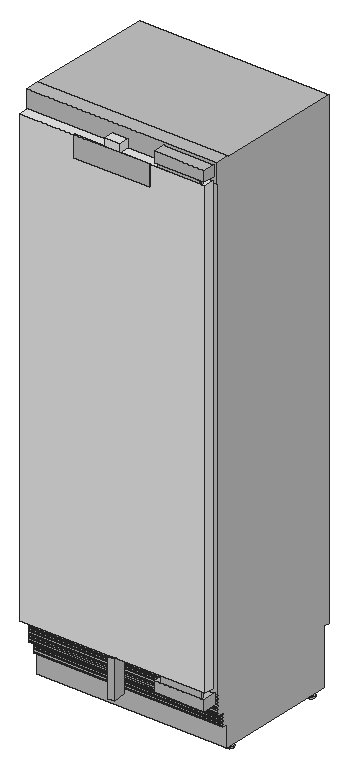
Revit family "FP_Revit_18_RS7621SRHK1_Fridge_90001117A", category Specialty Equipment, Revit 2018
Family settings
  Round Connector Dimension = Use Diameter
  Part Type = Normal
  OmniClass Number = 23.40.40.11.11
  OmniClass Title = Refrigerators and Freezers
  Work Plane-Based = No
  Always vertical = Yes
  Cut with Voids When Loaded = Yes
  Shared = No
  Room Calculation Point = No
Parameters (values of type "RS7621SRHK1")
  Visibility - Water Connection = yes
  Visibility - Visibility Control Note = yes
  Visibility - Clearance Required = yes
  URL = "www.fisherpaykel.com"
  Stainless Steel Door Panels (RD7621R10D) = no
  Product - Width = 756 mm  # constant formula
  Product - Height = 2134 mm  # constant formula
  Product - Depth (exl front panel) = 610 mm  # constant formula
  Model = "RS7621SRHK1"
  Material - Handle = Fisher & Paykel - Aluminium
  Material - Door Structure = Fisher & Paykel - White
  Material - Door Front = Fisher & Paykel - Stainless Steel
  Material - Body = Fisher & Paykel - Grey
  Manufacturer = "Fisher & Paykel Appliances"
  Handle Style - Contemporary Square (AHD3-RD21) = no
  Handle Style - Contemporary Round (AHS-RD21) = no
  Description = "76cm Integrated Column Refrigerator with internal water, stainless steel interior"
  Connector Description - Water = "1/2 BSP Stainless steel braided hose"
  Connector Description - Electrical = "230 V,10 A fused electrical supply"
  Cavity - Width = 762 mm  # constant formula
  Cavity - Height = 2134 mm  # constant formula
  Cavity - Depth = 650 mm  # constant formula
Types (3, lengths in mm): name | Visibility - Water Connection | Model | Description | Connector Description - Water
  (no name) | yes | "RS7621SRHK1" | "76cm Integrated Column Refrigerator with internal water, stainless steel interior" | "1/2 BSP Stainless steel braided hose"
  RS7621SRK1 | no | "RS7621SRK1" | "76cm Integrated Column Refrigerator, stainless steel interior" | "Water Supply not required"
  RS7621SRHK1 | yes | "RS7621SRHK1" | "76cm Integrated Column Refrigerator with internal water, stainless steel interior" | "1/2 BSP Stainless steel braided hose"
Reference planes
  plane 1 "Datum": y = 0
  plane 2: z = 0
  plane 3 "Center (Left/Right)": x = 0
  plane 4 "Product LHS": x = -378
  plane 5 "Product RHS": x = 378
  plane 6 "Product - Depth": y = 610
  plane 7 "Cavity LHS": x = -381
  plane 8 "Cavity RHS": x = 381
  plane 9 "Cavity - Depth": y = 628
  plane 10 "Handle Offset": x = -315
  plane 11 "Product Height": z = 2134
  plane 12 "Cavity Height": z = 2134
  plane 13 "Door Panel Datum": y = -4.1
Forms (mm)
  Extrusion 1, solid, material "Fisher & Paykel - Grey" <- "Material - Body", detail levels fine
    sketch origin (0, 0, 0) x (0, 1, 0) y (0, 0, 1)
      loop
        line (100.1, 19.1) -> (587.9, 19.1) -> (587.9, 239.7) -> (610, 239.7) -> (610, 2131.9) -> (105.1, 2131.9) -> (105.1, 2134) -> (49.9, 2134) -> (49.9, 2059) -> (56, 2059) -> (56, 228.6) -> (59.5, 228.6) -> (59.5, 219.7) -> (56.5, 219.7) -> (56.5, 215.9) -> (59.5, 215.9) -> (59.5, 207) -> (56.5, 207) -> (56.5, 203.2) -> (59.5, 203.2) -> (59.5, 194.3) -> (56.5, 194.3) -> (56.5, 190.5) -> (59.5, 190.5) -> (59.5, 181.6) -> (56.5, 181.6) -> (56.5, 177.8) -> (59.5, 177.8) -> (59.5, 168.9) -> (56.5, 168.9) -> (56.5, 165.1) -> (59.5, 165.1) -> (59.5, 156.2) -> (56.5, 156.2) -> (56.5, 152.4) -> (84.1, 152.4) -> (84.1, 143.5) -> (81.1, 143.5) -> (81.1, 139.7) -> (84.1, 139.7) -> (84.1, 130.8) -> (81.1, 130.8) -> (81.1, 127) -> (84.1, 127) -> (84.1, 118.1) -> (81.1, 118.1) -> (81.1, 114.3) -> (84.1, 114.3) -> (84.1, 105.4) -> (81.1, 105.4) -> (81.1, 101.6) -> (100.1, 101.6) -> (100.1, 19.1)
    from -378 to 378
  Extrusion 2, solid, material "Fisher & Paykel - Grey" <- "Material - Body"
    sketch origin (0, 0, 0) x (1, 0, 0) y (0, 1, 0)
      loop
        circle (-357.5, 547.8) r 4.1
      loop
        circle (-357.5, 141.8) r 4.1
      loop
        circle (357.5, 547.8) r 4.1
      loop
        circle (357.5, 141.8) r 4.1
    from 3 to 19.1
  Extrusion 3, solid, material "Fisher & Paykel - Grey" <- "Material - Body"
    sketch origin (0, 0, 0) x (1, 0, 0) y (0, 1, 0)
      loop
        circle (-357.5, 547.8) r 14.5
      loop
        circle (-357.5, 141.8) r 14.555
      loop
        circle (357.5, 547.8) r 14.5
      loop
        circle (357.5, 141.8) r 14.555
    from 0 to 3
  Extrusion 4, solid, material "Fisher & Paykel - Grey" <- "Material - Body", detail levels fine
    sketch origin (0, 0, 0) x (1, 0, 0) y (0, 1, 0)
      loop
        line (-7.5, 49) -> (-13.797, -4.1) -> (13.797, -4.1) -> (7.5, 49) -> (-7.5, 49)
    from 104.2 to 254.2
  Extrusion 5, solid, material "Fisher & Paykel - Grey" <- "Material - Body", detail levels fine
    sketch origin (0, 0, 0) x (1, 0, 0) y (0, 0, 1)
      loop
        line (366.4, 2123.15) -> (168.42, 2123.15) -> (168.42, 2081.05) -> (366.4, 2081.05) -> (366.4, 2123.15)
    from -49 to -2.5
  Extrusion 6, solid, material "Fisher & Paykel - Grey" <- "Material - Body", detail levels fine
    sketch origin (0, 0, 0) x (0, 1, 0) y (0, 0, 1)
      loop
        line (0, 2070.6) -> (0, 1988.6) -> (2, 1988.6) -> (2, 2068.6) -> (4, 2068.6) -> (4, 2070.6) -> (0, 2070.6)
    from -150 to 150
  Extrusion 7, solid, material "Fisher & Paykel - Grey" <- "Material - Body"
    sketch origin (0, 0, 0) x (1, 0, 0) y (0, 0, 1)
      loop
        circle (303, 119.813) r 5
      loop
        circle (-303, 119.813) r 5
    from -590 to -587.9
  Extrusion 8, solid, material "Fisher & Paykel - White" <- "Material - Door Structure"
    sketch origin (0, 0, 0) x (1, 0, 0) y (0, 1, 0)
      loop
        line (-353, 56) -> (-353, 42) -> (353, 42) -> (353, 56) -> (-353, 56)
    from 269.6 to 2030.7
  Extrusion 9, solid, material "Fisher & Paykel - White" <- "Material - Door Structure"
    sketch origin (0, 0, 0) x (1, 0, 0) y (0, 1, 0)
      loop
        line (-369.4, 42) -> (-369.4, 3) -> (369.4, 3) -> (369.4, 42) -> (-369.4, 42)
    from 254.2 to 2068.6
  Extrusion 10, solid, material "Fisher & Paykel - White" <- "Material - Door Structure", detail levels fine
    sketch origin (0, 0, 0) x (1, 0, 0) y (0, 0, 1)
      loop
        line (-29.5, 2100.1) -> (-29.5, 2068.6) -> (29.5, 2068.6) -> (29.5, 2100.1) -> (-29.5, 2100.1)
    from -42 to -3
  Extrusion 11, solid, material "Fisher & Paykel - Stainless Steel" <- "Material - Door Front", visible <- "Stainless Steel Door Panels (RD7621R10D)"
    sketch origin (0, 0, 0) x (0, 1, 0) y (0, 0, 1)
      loop
        line (-22.1, 2130.8) -> (-22.1, 102) -> (-4.1, 102) -> (-4.1, 2130.8) -> (-22.1, 2130.8)
    from -378 to 378
  Extrusion 12, solid, material "Fisher & Paykel - Grey" <- "Material - Body", detail levels coarse+medium
    sketch origin (0, 0, 0) x (0, 1, 0) y (0, 0, 1)
      loop
        line (49.9, 2134) -> (49.9, 2059) -> (56, 2059) -> (56, 152.4) -> (81.1, 152.4) -> (81.1, 101.6) -> (100.1, 101.6) -> (100.1, 19.1) -> (587.9, 19.1) -> (587.9, 239.7) -> (610, 239.7) -> (610, 2134) -> (49.9, 2134)
    from -378 to 378
  Extrusion 13, solid, material "Fisher & Paykel - Grey" <- "Material - Body", detail levels fine
    sketch origin (0, 0, 0) x (1, 0, 0) y (0, 0, 1)
      loop
        line (366.4, 187.65) -> (366.4, 229.75) -> (168.42, 229.75) -> (168.42, 187.65) -> (366.4, 187.65)
    from -56 to -2.5
  Extrusion 14, solid, material "Fisher & Paykel - Grey" <- "Material - Body", detail levels fine
    sketch origin (0, 0, -4) x (0, 1, 0) y (0, 0, 1)
      loop
        arc (163.888, 23.1) -> (180.4, 13.63) -> (196.912, 23.1) r 19.13
        line (196.912, 23.1) -> (163.888, 23.1)
      loop
        arc (493.888, 23.1) -> (510.4, 13.63) -> (526.912, 23.1) r 19.13
        line (526.912, 23.1) -> (493.888, 23.1)
    from 191 to 219
  Extrusion 15, solid, material "Fisher & Paykel - Grey" <- "Material - Body", detail levels fine
    sketch origin (0, 0, -4) x (0, 1, 0) y (0, 0, -1)
      loop
        line (163.888, -23.1) -> (196.912, -23.1)
        arc (196.912, -23.1) -> (180.4, -13.63) -> (163.888, -23.1) r 19.13
      loop
        line (493.888, -23.1) -> (526.912, -23.1)
        arc (526.912, -23.1) -> (510.4, -13.63) -> (493.888, -23.1) r 19.13
    from 191 to 219
  Extrusion 16, solid, material "Fisher & Paykel - Clearance Required", visible <- "Visibility - Clearance Required", detail levels coarse
    sketch origin (0, 0, 0) x (1, 0, 0) y (0, 1, 0)
      loop
        line (-381, 628) -> (-381, -4.1) -> (381, -4.1) -> (381, 628) -> (-381, 628)
    from 0 to 2134
  Extrusion 17, void
    sketch origin (0, 0, 0) x (1, 0, 0) y (0, 1, 0)
      loop
        line (-381, 628) -> (-381, -22.1) -> (381, -22.1) -> (381, 628) -> (-381, 628)
    from 0 to 2134
  Extrusion 18, solid, material "Fisher & Paykel - Grey" <- "Material - Body", detail levels fine
    sketch origin (73, 0, 0) x (1, 0, 0) y (0, 0, 1)
      loop
        line (118.4, 254.2) -> (118.4, 229.75) -> (282.9, 229.75) -> (282.9, 254.2) -> (118.4, 254.2)
      loop
        line (106, 2081.05) -> (106, 2068.6) -> (282.9, 2068.6) -> (282.9, 2076.05) -> (242.9, 2081.05) -> (106, 2081.05)
    from -7 to -4
  Extrusion 19, solid, material "Fisher & Paykel - Clearance Required", visible <- "Visibility - Clearance Required", detail levels coarse
    sketch origin (0, 0, 0) x (1, 0, 0) y (0, 1, 0)
      loop
        line (-328.5, -22) -> (-377.998, -22)
        arc (-377.998, -22) -> (-22.041, -691.901) -> (734.607, -746.265) r 783.526
        line (734.607, -746.265) -> (712.602, -698.95) -> (738.875, -686.699)
        arc (738.875, -686.699) -> (747.815, -662.137) -> (723.253, -653.197) r 18.483
        line (723.253, -653.197) -> (697.006, -665.395) -> (415.929, -60.595)
        arc (415.929, -60.595) -> (380.987, -57.006) -> (378.07, -22) r 27.504
        line (378.07, -22) -> (-328.5, -22)
    from 0 to 2134
Lines and regions (mm)
  model lines, style "Fisher & Paykel"
    curve 1: line (-378, -4.1, 2130.8) -> (378, -4.1, 2130.8)
    curve 2: line (-378, -4.1, 102) -> (-378, -4.1, 2130.8)
    curve 3: line (378, -4.1, 102) -> (-378, -4.1, 102)
    curve 4: line (378, -4.1, 2130.8) -> (378, -4.1, 102)
Text (mm)
  text "Due to ongoing product development, product details are subject to change without notice. \nPlease always refer to www.fisherpaykel.com for the most current product information. \n© Fisher & Paykel 2020" at (41.04, -848.295, 0), in view "Ref. Level (Plan)"
Dimensions and locks
  equal spacing: plane 4 "Product LHS", plane 3 "Center (Left/Right)", plane 5 "Product RHS"
  "Product - Width": plane 4 "Product LHS" to plane 5 "Product RHS"
  "Product - Depth (exl front panel)": plane 1 "Datum" to plane 6 "Product - Depth"
  equal spacing: plane 7 "Cavity LHS", plane 3 "Center (Left/Right)", plane 8 "Cavity RHS"
  "Cavity - Width": plane 7 "Cavity LHS" to plane 8 "Cavity RHS"
  plane 4 "Product LHS" to Extrusion 2 sketch curve = 24.6 mm
  Extrusion 7 sketch curve to Extrusion 1 = 119.887 mm  (x2)
  Extrusion 7 sketch curve to plane 5 "Product RHS" = 75 mm
  plane 4 "Product LHS" to Extrusion 7 sketch curve = 75 mm
  Extrusion 1 sketch curve to Extrusion 1 sketch curve = 82.5 mm
  Extrusion 1 sketch curve to Extrusion 1 sketch curve = 209.5 mm
  Extrusion 1 sketch curve to Extrusion 1 sketch curve = 220.6 mm
  Extrusion 3 to level = 3 mm
  Extrusion 12 to Extrusion 9 = 235.1 mm
  Extrusion 12 to Extrusion 8 = 250.5 mm
  Extrusion 12 to Extrusion 12 = 2114.9 mm
  Extrusion 12 to Extrusion 11 = 82.9 mm
  "Product - Height": level to plane 11 "Product Height"
  plane 11 "Product Height" to Extrusion 11 = 3.2 mm
  Extrusion 9 to plane 11 "Product Height" = 65.4 mm
  Extrusion 8 to plane 11 "Product Height" = 103.3 mm
  Extrusion 12 sketch curve to plane 11 "Product Height" = 75 mm
  Extrusion 1 sketch curve to plane 11 "Product Height" = 2.1 mm
  Extrusion 1 sketch curve to plane 11 "Product Height" = 75 mm
  "Cavity - Height": plane 12 "Cavity Height" to level
  plane 1 "Datum" to Extrusion 16 = 628 mm
  plane 1 "Datum" to Extrusion 17 = 628 mm
  Extrusion 18 sketch curve to Extrusion 18 sketch curve = 40 mm
  Extrusion 18 sketch curve to plane 3 "Center (Left/Right)" = 179 mm
  Extrusion 18 sketch curve to Extrusion 18 sketch curve = 176.9 mm
  Extrusion 18 sketch curve to plane 3 "Center (Left/Right)" = 191.4 mm
  plane 3 "Center (Left/Right)" to Extrusion 18 sketch curve = 355.9 mm
  "Cavity - Depth": Extrusion 17 to Extrusion 19
  Extrusion 19 to plane 1 "Datum" = 22 mm
  radius of Extrusion 7 sketch curve = 5 mm
  aligned and locked: level to plane 2
  aligned and locked: Extrusion 11 to plane 5 "Product RHS"
  aligned and locked: plane 4 "Product LHS" to Extrusion 11
  aligned and locked: Extrusion 12 to plane 5 "Product RHS"
  aligned and locked: Extrusion 12 to plane 4 "Product LHS"
  aligned and locked: Extrusion 12 sketch curve to plane 11 "Product Height"
  aligned and locked: plane 11 "Product Height" to Extrusion 1 sketch curve
  aligned and locked: Extrusion 14 sketch curve to Extrusion 14 sketch curve
  aligned and locked: Extrusion 15 sketch curve to Extrusion 15 sketch curve
  aligned and locked: Extrusion 1 to plane 5 "Product RHS"
  aligned and locked: plane 4 "Product LHS" to Extrusion 1
  aligned and locked: Extrusion 12 sketch curve to Extrusion 1  (x4)
  aligned and locked: Extrusion 2 to Extrusion 1
  aligned and locked: nested 2 to plane 10 "Handle Offset"
  aligned and locked: nested 3 to plane 10 "Handle Offset"
Automatic sketch dimensions
  plane 1 "Datum" to Extrusion 4 sketch curve = 4.1 mm
  Extrusion 4 sketch curve to plane 3 "Center (Left/Right)" = 13.797 mm
  Extrusion 4 sketch curve to plane 3 "Center (Left/Right)" = 7.5 mm
  plane 3 "Center (Left/Right)" to Extrusion 4 sketch curve = 7.5 mm
  plane 3 "Center (Left/Right)" to Extrusion 4 sketch curve = 13.797 mm
  Extrusion 4 sketch curve to plane 1 "Datum" = 49 mm
  Extrusion 6 sketch curve to plane 1 "Datum" = 0 mm
  Extrusion 6 sketch curve to plane 1 "Datum" = 2 mm
  Extrusion 6 sketch curve to Extrusion 6 sketch curve = 2 mm  (x2)
  plane 11 "Product Height" to Extrusion 6 sketch curve = 145.4 mm
  plane 11 "Product Height" to Extrusion 6 sketch curve = 65.4 mm
  Extrusion 10 sketch curve to plane 3 "Center (Left/Right)" = 29.5 mm
  plane 3 "Center (Left/Right)" to Extrusion 10 sketch curve = 29.5 mm
  plane 11 "Product Height" to Extrusion 10 sketch curve = 65.4 mm
  Extrusion 10 sketch curve to Extrusion 10 sketch curve = 31.5 mm
  Extrusion 16 sketch curve to plane 7 "Cavity LHS" = 0 mm
  Extrusion 16 sketch curve to plane 8 "Cavity RHS" = 0 mm
  Extrusion 16 sketch curve to plane 9 "Cavity - Depth" = 0 mm
  plane 1 "Datum" to Extrusion 16 sketch curve = 4.1 mm
  Extrusion 17 sketch curve to plane 7 "Cavity LHS" = 0 mm
  Extrusion 17 sketch curve to plane 8 "Cavity RHS" = 0 mm
  plane 9 "Cavity - Depth" to Extrusion 17 sketch curve = 0 mm
  plane 1 "Datum" to Extrusion 17 sketch curve = 22.1 mm
  Extrusion 1 sketch curve to plane 6 "Product - Depth" = 0 mm
  Extrusion 1 sketch curve to Extrusion 1 sketch curve = 22.1 mm
  Extrusion 1 sketch curve to plane 1 "Datum" = 105.1 mm
  level to Extrusion 1 sketch curve = 19.1 mm
  Extrusion 1 sketch curve to plane 1 "Datum" = 100.1 mm
  Extrusion 1 sketch curve to Extrusion 1 sketch curve = 16 mm
  Extrusion 1 sketch curve to Extrusion 1 sketch curve = 0 mm  (x8)
  Extrusion 1 sketch curve to Extrusion 1 sketch curve = 3 mm  (x10)
  Extrusion 1 sketch curve to plane 1 "Datum" = 59.5 mm
  Extrusion 1 sketch curve to plane 1 "Datum" = 56 mm
  Extrusion 1 sketch curve to plane 1 "Datum" = 49.9 mm
  Extrusion 1 sketch curve to Extrusion 1 sketch curve = 3.8 mm  (x10)
  Extrusion 1 sketch curve to Extrusion 1 sketch curve = 8.9 mm  (x9)
  Extrusion 2 sketch curve to plane 4 "Product LHS" = 20.5 mm  (x2)
  plane 5 "Product RHS" to Extrusion 2 sketch curve = 20.5 mm  (x2)
  Extrusion 2 sketch curve to plane 1 "Datum" = 141.8 mm  (x2)
  Extrusion 2 sketch curve to plane 6 "Product - Depth" = 62.2 mm  (x2)
  Extrusion 3 sketch curve to plane 4 "Product LHS" = 20.5 mm  (x2)
  plane 5 "Product RHS" to Extrusion 3 sketch curve = 20.5 mm  (x2)
  Extrusion 3 sketch curve to plane 1 "Datum" = 141.8 mm  (x2)
  Extrusion 3 sketch curve to plane 6 "Product - Depth" = 62.2 mm  (x2)
  plane 11 "Product Height" to Extrusion 5 sketch curve = 10.85 mm
  Extrusion 5 sketch curve to plane 7 "Cavity LHS" = 549.42 mm
  plane 5 "Product RHS" to Extrusion 5 sketch curve = 11.6 mm
  Extrusion 5 sketch curve to Extrusion 5 sketch curve = 42.1 mm
  Extrusion 8 sketch curve to plane 4 "Product LHS" = 25 mm
  plane 5 "Product RHS" to Extrusion 8 sketch curve = 25 mm
  Extrusion 8 sketch curve to plane 1 "Datum" = 42 mm
  Extrusion 8 sketch curve to Extrusion 8 sketch curve = 14 mm
  Extrusion 9 sketch curve to plane 1 "Datum" = 3 mm
  Extrusion 9 sketch curve to plane 4 "Product LHS" = 8.6 mm
  plane 5 "Product RHS" to Extrusion 9 sketch curve = 8.6 mm
  Extrusion 9 sketch curve to Extrusion 9 sketch curve = 39 mm
  plane 1 "Datum" to Extrusion 11 sketch curve = 22.1 mm
  plane 1 "Datum" to Extrusion 11 sketch curve = 4.1 mm
  level to Extrusion 11 sketch curve = 102 mm
  plane 11 "Product Height" to Extrusion 11 sketch curve = 3.2 mm
  Extrusion 12 sketch curve to plane 6 "Product - Depth" = 0 mm
  Extrusion 12 sketch curve to plane 6 "Product - Depth" = 22.1 mm
  Extrusion 12 sketch curve to plane 1 "Datum" = 100.1 mm
  Extrusion 12 sketch curve to Extrusion 12 sketch curve = 19 mm
  Extrusion 12 sketch curve to plane 1 "Datum" = 56 mm
  Extrusion 12 sketch curve to plane 1 "Datum" = 49.9 mm
  Extrusion 12 sketch curve to Extrusion 12 sketch curve = 50.8 mm
  Extrusion 13 sketch curve to plane 7 "Cavity LHS" = 549.42 mm
  plane 5 "Product RHS" to Extrusion 13 sketch curve = 11.6 mm
  level to Extrusion 13 sketch curve = 187.65 mm
  Extrusion 13 sketch curve to Extrusion 13 sketch curve = 42.1 mm
  level to Extrusion 14 sketch curve = 19.1 mm
  Extrusion 14 sketch curve to plane 1 "Datum" = 163.888 mm
  Extrusion 14 sketch curve to Extrusion 14 sketch curve = 16.512 mm  (x2)
  Extrusion 14 sketch curve to plane 6 "Product - Depth" = 116.112 mm
  Extrusion 14 sketch curve to Extrusion 14 sketch curve = 9.66 mm  (x2)
  level to Extrusion 15 sketch curve = 19.1 mm
  Extrusion 15 sketch curve to plane 1 "Datum" = 163.888 mm
  Extrusion 15 sketch curve to Extrusion 15 sketch curve = 16.512 mm  (x2)
  Extrusion 15 sketch curve to plane 6 "Product - Depth" = 116.112 mm
  Extrusion 15 sketch curve to Extrusion 15 sketch curve = 9.66 mm  (x2)
  level to Extrusion 18 sketch curve = 229.75 mm
  Extrusion 18 sketch curve to Extrusion 18 sketch curve = 24.45 mm
  plane 11 "Product Height" to Extrusion 18 sketch curve = 65.4 mm
  Extrusion 18 sketch curve to Extrusion 18 sketch curve = 7.45 mm
  Extrusion 18 sketch curve to Extrusion 18 sketch curve = 5 mm
  Extrusion 19 sketch curve to plane 4 "Product LHS" = 0.002 mm
  plane 10 "Handle Offset" to Extrusion 19 sketch curve = 13.5 mm
  Extrusion 19 sketch curve to plane 5 "Product RHS" = 0.07 mm
  Extrusion 19 sketch curve to plane 8 "Cavity RHS" = 19.621 mm
  Extrusion 19 sketch curve to Extrusion 19 sketch curve = 4.795 mm
  Extrusion 19 sketch curve to Extrusion 19 sketch curve = 10.514 mm
  Extrusion 19 sketch curve to plane 8 "Cavity RHS" = 316.006 mm
  Extrusion 19 sketch curve to Extrusion 19 sketch curve = 15.596 mm
  Extrusion 19 sketch curve to Extrusion 19 sketch curve = 26.247 mm
  Extrusion 19 sketch curve to Extrusion 19 sketch curve = 7.811 mm  (x2)
  Extrusion 19 sketch curve to Extrusion 19 sketch curve = 22.005 mm
  plane 1 "Datum" to Extrusion 19 sketch curve = 746.265 mm
  Extrusion 19 sketch curve to Extrusion 19 sketch curve = 47.315 mm
  Extrusion 19 sketch curve to Extrusion 19 sketch curve = 12.251 mm
  Extrusion 19 sketch curve to Extrusion 19 sketch curve = 16.751 mm
  Extrusion 19 sketch curve to Extrusion 19 sketch curve = 12.198 mm
  Extrusion 19 sketch curve to Extrusion 19 sketch curve = 22.85 mm
  plane 5 "Product RHS" to curve 1 = 0 mm
  plane 4 "Product LHS" to curve 3 = 0 mm
  level to curve 3 = 102 mm
  plane 11 "Product Height" to curve 2 = 3.2 mm
  radius of Extrusion 2 sketch curve = 4.1 mm  (x3)
  radius of Extrusion 3 sketch curve = 14.5 mm  (x2)
  radius of Extrusion 3 sketch curve = 14.555 mm  (x2)
  radius of Extrusion 7 sketch curve = 5 mm
Nested families
  nested 1: "Visibility Control Note 18" at (0, 0, 0), visible <- "Visibility - Visibility Control Note", type "Visibility Control Note 18"
  nested 2: "Handle Contemporary Round - Vertical" at (-315, -22.1, 1242.58), visible <- "Handle Style - Contemporary Round (AHS-RD21)", type "AHS-RD21 - Contemporary round handle (Vertical) 852mm"
  nested 3: "Handle Contemporary Square - Vertical" at (-315, -22.1, 1242.58), visible <- "Handle Style - Contemporary Square (AHD3-RD21)", type "AHD3-RD21 - Contemporary square handle (Vertical) 852mm"
Connectors
  electrical at (-303, 590, 119.813), driven by "Connector Description - Electrical"
    settings: on Extrusion 7, index 1, voltage 230 V, apparent load 0 VA, apparent load phase1 0 VA, apparent load phase2 0 VA, apparent load phase3 0 VA, power factor 1, load classification "Other", number of poles 1, system type 30, power factor state 1, is connector primary yes, connector utility no, sub classification motor no, connector description "230 V,10 A fused electrical supply"
  piping at (303, 590, 119.813), diameter 12.7, driven by "Visibility - Water Connection", driven by "Connector Description - Water"
    settings: on Extrusion 7, index 2, connector inside diameter 609.6 mm, connector length 0 mm, flow factor 0, pipe flow 0.0 L/s, pressure drop 0.0 Pa, fitting loss kfactor 0, connector angle 0.00°, fixture units 0, engagement length 0 mm, angle of deflection 0.00°, flow configuration 0, flow direction 1, fitting loss method 0, system type 20, joint type 0, gender type 0, connector reference index -1, connector utility 1, adjustable connector no, is connector primary yes, connector description "1/2 BSP Stainless steel braided hose"
Definition of nested family "Handle Contemporary Round - Vertical"
  Parameters (values of type "AHSRS80A - Contemporary round handle (1 of 2) (Vertical) 727mm")
    URL = "www.fisherpaykel.com"
    Material - Handle = none
    Manufacturer = "Fisher & Paykel Appliances"
    Handle - Length = 727 mm
  Types (6, lengths in mm): name | Handle - Length
    AHS-RD21 - Contemporary round handle (Vertical) 852mm | 852
    AHSRD2484W - Contemporary round handle (1 of 2) (Vertical) 727mm | 727
    AHSRD3084W - Contemporary round handle (1 of 2) (Vertical) 727mm | 727
    AHS-RD84 - Contemporary round handle (Vertical) 852mm | 852
    AHSRS3272A - Contemporary round handle (1 of 2) (Vertical) 727mm | 727
    AHSRS80A - Contemporary round handle (1 of 2) (Vertical) 727mm | 727
  Reference planes
    plane 1 "Center (Front/Back)": y = 0
    plane 2: z = 0
    plane 3 "Center (Left/Right)": x = 0
    plane 4 "Top": z = 363.5
    plane 5 "Bottom": z = -363.5
    plane 6 "Top Standoff": z = 243.5
    plane 7 "Bottom Standoff": z = -243.5
  Forms (mm)
    Extrusion 1, solid, material <- "Material - Handle"
      sketch origin (0, 0, 0) x (1, 0, 0) y (0, 1, 0)
        loop
          circle (0, -32.3) r 8.7
      from -243.5 to 243.5
    Extrusion 2, solid, material <- "Material - Handle", detail levels fine
      sketch origin (0, 0, 0) x (1, 0, 0) y (0, 1, 0)
        loop
          line (-8.7, 0) -> (-8.7, -32.3)
          arc (-8.7, -32.3) -> (0, -41) -> (8.7, -32.3) r 8.7
          line (8.7, -32.3) -> (8.7, 0) -> (-8.7, 0)
      from 243.5 to 363.5
    Extrusion 3, solid, material <- "Material - Handle", detail levels fine
      sketch origin (0, 0, 0) x (1, 0, 0) y (0, 1, 0)
        loop
          line (-8.7, 0) -> (-8.7, -32.3)
          arc (-8.7, -32.3) -> (0, -41) -> (8.7, -32.3) r 8.7
          line (8.7, -32.3) -> (8.7, 0) -> (-8.7, 0)
      from -363.5 to -243.5
    Sweep 4, void
      path in 3D
        loop
          line (8.7, 0, -363.5) -> (8.7, -32.3, -363.5)
          arc (8.7, -32.3, -363.5) -> (0, -41, -363.5) -> (-8.7, -32.3, -363.5) r 8.7
          line (-8.7, -32.3, -363.5) -> (-8.7, 0, -363.5)
      profile origin (8.7, -16.15, -363.5) x (-1, 0, 0) y (0, 0, -1)
        loop
          line (0, 0) -> (0, -1) -> (1, 0) -> (0, 0)
    Sweep 5, void
      path in 3D
        loop
          line (-8.7, 0, 363.5) -> (-8.7, -32.3, 363.5)
          arc (-8.7, -32.3, 363.5) -> (0, -41, 363.5) -> (8.7, -32.3, 363.5) r 8.7
          line (8.7, -32.3, 363.5) -> (8.7, 0, 363.5)
      profile origin (8.7, -16.15, 363.5) x (-1, 0, 0) y (0, 0, 1)
        loop
          line (0, 0) -> (0, -1) -> (1, 0) -> (0, 0)
    Extrusion 6, solid, material <- "Material - Handle", detail levels coarse+medium
      sketch origin (0, 0, 0) x (1, 0, 0) y (0, 1, 0)
        loop
          line (-8.7, 0) -> (-8.7, -32.3)
          arc (-8.7, -32.3) -> (0, -41) -> (8.7, -32.3) r 8.7
          line (8.7, -32.3) -> (8.7, 0) -> (-8.7, 0)
      from 243.5 to 363.5
    Extrusion 7, solid, material <- "Material - Handle", detail levels coarse+medium
      sketch origin (0, 0, 0) x (1, 0, 0) y (0, 1, 0)
        loop
          line (-8.7, 0) -> (-8.7, -32.3)
          arc (-8.7, -32.3) -> (0, -41) -> (8.7, -32.3) r 8.7
          line (8.7, -32.3) -> (8.7, 0) -> (-8.7, 0)
      from -363.5 to -243.5
  Cuts and joins
    Sweep 4 cuts Extrusion 3
    Sweep 5 cuts Extrusion 2
  Lines and regions (mm)
    sketch lines
      curve 1: line (8.7, 0, -363.5) -> (8.7, -32.3, -363.5)
      curve 2: arc (-8.7, -32.3, -363.5) -> (0, -41, -363.5) -> (8.7, -32.3, -363.5) r 8.7
      curve 3: line (-8.7, -32.3, -363.5) -> (-8.7, 0, -363.5)
      curve 4: line (8.7, -32.3, 363.5) -> (8.7, 0, 363.5)
      curve 5: arc (8.7, -32.3, 363.5) -> (0, -41, 363.5) -> (-8.7, -32.3, 363.5) r 8.7
      curve 6: line (-8.7, 0, 363.5) -> (-8.7, -32.3, 363.5)
  Dimensions and locks
    equal spacing: plane 4 "Top", level, plane 5 "Bottom"
    "Handle - Length": plane 4 "Top" to plane 5 "Bottom"
    locked: plane 4 "Top" to plane 6 "Top Standoff" at 120
    locked: plane 7 "Bottom Standoff" to plane 5 "Bottom" at 120
    Extrusion 2 sketch curve to Extrusion 2 sketch curve = 17.4 mm
    Extrusion 3 sketch curve to Extrusion 3 sketch curve = 17.4 mm
    Extrusion 6 sketch curve to Extrusion 6 sketch curve = 17.4 mm
    Extrusion 7 sketch curve to Extrusion 7 sketch curve = 17.4 mm
    aligned and locked: level to plane 2
    aligned and locked: plane 4 "Top" to Extrusion 2
    aligned and locked: Extrusion 3 to plane 5 "Bottom"
    aligned and locked: plane 7 "Bottom Standoff" to Extrusion 3
    aligned and locked: Extrusion 1 to plane 7 "Bottom Standoff"
    aligned and locked: plane 6 "Top Standoff" to Extrusion 1
    aligned and locked: Extrusion 2 to Extrusion 1
    aligned and locked: Extrusion 6 to Extrusion 1
    aligned and locked: plane 4 "Top" to Extrusion 6
    aligned and locked: Extrusion 7 to Extrusion 1
    aligned and locked: Extrusion 7 to plane 5 "Bottom"
  Automatic sketch dimensions
    Extrusion 1 sketch curve to plane 3 "Center (Left/Right)" = 0 mm
    plane 1 "Center (Front/Back)" to Extrusion 1 sketch curve = 32.3 mm
    plane 1 "Center (Front/Back)" to Extrusion 2 sketch curve = 0 mm
    Extrusion 2 sketch curve to plane 3 "Center (Left/Right)" = 0 mm
    Extrusion 2 sketch curve to plane 3 "Center (Left/Right)" = 8.7 mm
    plane 1 "Center (Front/Back)" to Extrusion 2 sketch curve = 32.3 mm
    plane 1 "Center (Front/Back)" to Extrusion 3 sketch curve = 0 mm
    Extrusion 3 sketch curve to plane 3 "Center (Left/Right)" = 0 mm
    Extrusion 3 sketch curve to plane 3 "Center (Left/Right)" = 8.7 mm
    plane 1 "Center (Front/Back)" to Extrusion 3 sketch curve = 32.3 mm
    Sweep 4 sketch curve to profile plane = 0 mm  (x2)
    Sweep 4 sketch curve to profile plane = 1 mm  (x2)
    Sweep 5 sketch curve to profile plane = 0 mm  (x2)
    Sweep 5 sketch curve to profile plane = 1 mm  (x2)
    Extrusion 6 sketch curve to plane 3 "Center (Left/Right)" = 0 mm
    Extrusion 6 sketch curve to plane 3 "Center (Left/Right)" = 8.7 mm
    plane 1 "Center (Front/Back)" to Extrusion 6 sketch curve = 32.3 mm
    Extrusion 6 sketch curve to Extrusion 6 sketch curve = 32.3 mm
    Extrusion 7 sketch curve to plane 3 "Center (Left/Right)" = 0 mm
    Extrusion 7 sketch curve to plane 3 "Center (Left/Right)" = 8.7 mm
    plane 1 "Center (Front/Back)" to Extrusion 7 sketch curve = 32.3 mm
    Extrusion 7 sketch curve to Extrusion 7 sketch curve = 32.3 mm
    radius of Extrusion 1 sketch curve = 8.7 mm
Definition of nested family "Handle Contemporary Square - Vertical"
  Parameters (values of type "AHD3RS80A - Contemporary square handle (1 of 2) (Vertical) 727mm")
    URL = "www.fisherpaykel.com"
    Material - Handle = none
    Manufacturer = "Fisher & Paykel Appliances"
    Handle - Length = 727 mm
  Types (7, lengths in mm): name | Handle - Length
    (no name) | 727
    AHD3-RD21 - Contemporary square handle (Vertical) 852mm | 852
    AHD3RD2484W - Contemporary square handle (1 of 2) (Vertical) 727mm | 727
    AHD3RD3084W - Contemporary square handle (1 of 2) (Vertical) 727mm | 727
    AHD3-RD84 - Contemporary square handle (Vertical) 852mm | 852
    AHD3RS3272A - Contemporary square handle (1 of 2) (Vertical) 727mm | 727
    AHD3RS80A - Contemporary square handle (1 of 2) (Vertical) 727mm | 727
  Reference planes
    plane 1 "Center (Front/Back)": y = 0
    plane 2: z = 0
    plane 3 "Center (Left/Right)": x = 0
    plane 4 "Top": z = 363.5
    plane 5 "Bottom": z = -363.5
    plane 6 "Top Standoff": z = 243.5
    plane 7 "Bottom Standoff": z = -243.5
  Forms (mm)
    Extrusion 1, solid, material <- "Material - Handle", detail levels fine
      sketch origin (0, 0, 0) x (1, 0, 0) y (0, 1, 0)
        loop
          arc (-7.583, -28.701) -> (-7.89, -29.057) -> (-8, -29.514) r 1
          line (-8, -29.514) -> (-8, -40.5)
          arc (-8, -40.5) -> (-7.561, -41.561) -> (-6.5, -42) r 1.5
          line (-6.5, -42) -> (6.5, -42)
          arc (6.5, -42) -> (7.561, -41.561) -> (8, -40.5) r 1.5
          line (8, -40.5) -> (8, -29.487)
          arc (8, -29.487) -> (7.889, -29.029) -> (7.58, -28.673) r 1
          arc (7.58, -28.673) -> (-0.006, -26.256) -> (-7.583, -28.701) r 13.038
      from -363.5 to 363.5
    Extrusion 2, solid, material <- "Material - Handle", detail levels fine
      sketch origin (0, 0, 0) x (1, 0, 0) y (0, 1, 0)
        loop
          arc (7.058, -28.23) -> (7.466, -28.244) -> (7.674, -27.893) r 0.4
          line (7.674, -27.893) -> (7.674, 0) -> (-7.674, 0) -> (-7.674, -27.86)
          arc (-7.674, -27.86) -> (-7.467, -28.21) -> (-7.06, -28.198) r 0.4
          arc (-7.06, -28.198) -> (0.004, -26.156) -> (7.058, -28.23) r 13.136
      from 243.5 to 363.5
    Extrusion 3, solid, material <- "Material - Handle", detail levels fine
      sketch origin (0, 0, 0) x (1, 0, 0) y (0, 1, 0)
        loop
          arc (7.058, -28.23) -> (7.466, -28.244) -> (7.674, -27.893) r 0.4
          line (7.674, -27.893) -> (7.674, 0) -> (-7.674, 0) -> (-7.674, -27.86)
          arc (-7.674, -27.86) -> (-7.467, -28.21) -> (-7.06, -28.198) r 0.4
          arc (-7.06, -28.198) -> (0.004, -26.156) -> (7.058, -28.23) r 13.136
      from -363.5 to -243.5
    Sweep 4, void
      path in 3D
        loop
          line (-8, -29.514, 363.5) -> (-8, -40.5, 363.5)
          arc (-8, -40.5, 363.5) -> (-7.561, -41.561, 363.5) -> (-6.5, -42, 363.5) r 1.5
          line (-6.5, -42, 363.5) -> (6.5, -42, 363.5)
          arc (6.5, -42, 363.5) -> (7.561, -41.561, 363.5) -> (8, -40.5, 363.5) r 1.5
          line (8, -40.5, 363.5) -> (8, -29.487, 363.5)
      profile origin (8, -34.994, 363.5) x (-1, 0, 0) y (0, 0, 1)
        loop
          line (0, 0) -> (0, -1.3) -> (1.3, 0) -> (0, 0)
    Sweep 5, void
      path in 3D
        loop
          line (8, -29.487, -363.5) -> (8, -40.5, -363.5)
          arc (8, -40.5, -363.5) -> (7.561, -41.561, -363.5) -> (6.5, -42, -363.5) r 1.5
          line (6.5, -42, -363.5) -> (-6.5, -42, -363.5)
          arc (-6.5, -42, -363.5) -> (-7.561, -41.561, -363.5) -> (-8, -40.5, -363.5) r 1.5
          line (-8, -40.5, -363.5) -> (-8, -29.514, -363.5)
      profile origin (8, -34.994, -363.5) x (-1, 0, 0) y (0, 0, -1)
        loop
          line (0, 0) -> (0, -1.3) -> (1.3, 0) -> (0, 0)
    Extrusion 6, void
      sketch origin (0, 0, 0) x (1, 0, 0) y (0, 0, 1)
        loop
          line (-8, -362.2) -> (-8, -363.5) -> (-6.7, -363.5) -> (-8, -362.2)
        loop
          line (8, -362.2) -> (6.7, -363.5) -> (8, -363.5) -> (8, -362.2)
      from 0 to 40
    Extrusion 7, void
      sketch origin (0, 0, 0) x (1, 0, 0) y (0, 0, 1)
        loop
          line (-8, 363.5) -> (-8, 362.2) -> (-6.7, 363.5) -> (-8, 363.5)
        loop
          line (8, 363.5) -> (6.7, 363.5) -> (8, 362.2) -> (8, 363.5)
      from 0 to 40
    Extrusion 8, solid, material <- "Material - Handle", detail levels coarse+medium
      sketch origin (0, 0, 0) x (0, 1, 0) y (0, 0, 1)
        loop
          line (0, 363.5) -> (-42, 363.5) -> (-42, -363.5) -> (0, -363.5) -> (0, -243.5) -> (-26.245, -243.5) -> (-26.245, 243.5) -> (0, 243.5) -> (0, 363.5)
      from -8 to 8
  Cuts and joins
    Sweep 4, Sweep 5, Extrusion 6, Extrusion 7 cuts Extrusion 1
    Extrusion 6 cuts Extrusion 3
    Extrusion 7 cuts Extrusion 2
  Lines and regions (mm)
    sketch lines
      curve 1: line (8, -40.5, 363.5) -> (8, -29.487, 363.5)
      curve 2: arc (8, -40.5, 363.5) -> (7.561, -41.561, 363.5) -> (6.5, -42, 363.5) r 1.5
      curve 3: line (-6.5, -42, 363.5) -> (6.5, -42, 363.5)
      curve 4: arc (-6.5, -42, 363.5) -> (-7.561, -41.561, 363.5) -> (-8, -40.5, 363.5) r 1.5
      curve 5: line (-8, -29.514, 363.5) -> (-8, -40.5, 363.5)
      curve 6: line (8, -29.487, -363.5) -> (8, -40.5, -363.5)
      curve 7: arc (6.5, -42, -363.5) -> (7.561, -41.561, -363.5) -> (8, -40.5, -363.5) r 1.5
      curve 8: line (6.5, -42, -363.5) -> (-6.5, -42, -363.5)
      curve 9: arc (-8, -40.5, -363.5) -> (-7.561, -41.561, -363.5) -> (-6.5, -42, -363.5) r 1.5
      curve 10: line (-8, -40.5, -363.5) -> (-8, -29.514, -363.5)
  Dimensions and locks
    equal spacing: plane 4 "Top", level, plane 5 "Bottom"
    "Handle - Length": plane 4 "Top" to plane 5 "Bottom"
    locked: plane 4 "Top" to plane 6 "Top Standoff" at 120
    locked: plane 7 "Bottom Standoff" to plane 5 "Bottom" at 120
    aligned and locked: level to plane 2
    aligned and locked: plane 4 "Top" to Extrusion 2
    aligned and locked: Extrusion 2 to plane 6 "Top Standoff"
    aligned and locked: plane 4 "Top" to Extrusion 1
    aligned and locked: Extrusion 1 to plane 5 "Bottom"
    aligned and locked: Extrusion 3 to plane 5 "Bottom"
    aligned and locked: plane 7 "Bottom Standoff" to Extrusion 3
    aligned and locked: plane 4 "Top" to Extrusion 8 sketch curve
    aligned and locked: plane 6 "Top Standoff" to Extrusion 8 sketch curve
    aligned and locked: plane 7 "Bottom Standoff" to Extrusion 8 sketch curve
    aligned and locked: plane 5 "Bottom" to Extrusion 8 sketch curve
    aligned and locked: plane 1 "Center (Front/Back)" to Extrusion 8 sketch curve  (x2)
  Automatic sketch dimensions
    Extrusion 1 sketch curve to plane 3 "Center (Left/Right)" = 8 mm
    Extrusion 1 sketch curve to Extrusion 1 sketch curve = 1 mm  (x2)
    Extrusion 1 sketch curve to Extrusion 1 sketch curve = 1.5 mm
    plane 3 "Center (Left/Right)" to Extrusion 1 sketch curve = 0.018 mm
    plane 3 "Center (Left/Right)" to Extrusion 1 sketch curve = 6.5 mm
    plane 3 "Center (Left/Right)" to Extrusion 1 sketch curve = 7 mm
    plane 1 "Center (Front/Back)" to Extrusion 1 sketch curve = 42 mm
    Extrusion 1 sketch curve to Extrusion 1 sketch curve = 1.206 mm
    Extrusion 1 sketch curve to Extrusion 1 sketch curve = 10.986 mm
    Extrusion 1 sketch curve to Extrusion 1 sketch curve = 11.013 mm
    Extrusion 1 sketch curve to Extrusion 1 sketch curve = 0 mm
    plane 1 "Center (Front/Back)" to Extrusion 2 sketch curve = 0 mm
    Extrusion 2 sketch curve to plane 3 "Center (Left/Right)" = 7.674 mm
    Extrusion 2 sketch curve to Extrusion 2 sketch curve = 0.4 mm  (x2)
    Extrusion 2 sketch curve to plane 3 "Center (Left/Right)" = 0.026 mm
    plane 3 "Center (Left/Right)" to Extrusion 2 sketch curve = 7.274 mm
    plane 1 "Center (Front/Back)" to Extrusion 2 sketch curve = 27.86 mm
    Extrusion 2 sketch curve to Extrusion 2 sketch curve = 0.033 mm
    Extrusion 2 sketch curve to Extrusion 2 sketch curve = 11.398 mm
    Extrusion 2 sketch curve to Extrusion 2 sketch curve = 0 mm
    plane 1 "Center (Front/Back)" to Extrusion 3 sketch curve = 0 mm
    Extrusion 3 sketch curve to Extrusion 3 sketch curve = 0.4 mm  (x2)
    Extrusion 3 sketch curve to Extrusion 3 sketch curve = 7.248 mm
    Extrusion 3 sketch curve to Extrusion 3 sketch curve = 7.3 mm
    plane 1 "Center (Front/Back)" to Extrusion 3 sketch curve = 27.86 mm
    Extrusion 3 sketch curve to Extrusion 3 sketch curve = 0.033 mm
    Extrusion 3 sketch curve to Extrusion 3 sketch curve = 11.398 mm
    Extrusion 3 sketch curve to Extrusion 3 sketch curve = 0 mm
    Sweep 4 sketch curve to profile plane = 0 mm  (x2)
    Sweep 4 sketch curve to profile plane = 1.3 mm  (x2)
    Sweep 5 sketch curve to profile plane = 0 mm  (x2)
    Sweep 5 sketch curve to profile plane = 1.3 mm  (x2)
    Extrusion 6 sketch curve to plane 5 "Bottom" = 0 mm  (x2)
    plane 5 "Bottom" to Extrusion 6 sketch curve = 1.3 mm  (x2)
    Extrusion 6 sketch curve to plane 3 "Center (Left/Right)" = 8 mm
    Extrusion 6 sketch curve to Extrusion 6 sketch curve = 1.3 mm  (x2)
    plane 3 "Center (Left/Right)" to Extrusion 6 sketch curve = 8 mm
    Extrusion 7 sketch curve to plane 4 "Top" = 0 mm  (x2)
    Extrusion 7 sketch curve to plane 3 "Center (Left/Right)" = 8 mm
    Extrusion 7 sketch curve to Extrusion 7 sketch curve = 1.3 mm  (x2)
    plane 3 "Center (Left/Right)" to Extrusion 7 sketch curve = 8 mm
    Extrusion 7 sketch curve to plane 4 "Top" = 1.3 mm  (x2)
    plane 1 "Center (Front/Back)" to Extrusion 8 sketch curve = 26.245 mm
    plane 1 "Center (Front/Back)" to Extrusion 8 sketch curve = 42 mm
    Extrusion 3 sketch curve to plane 3 "Center (Left/Right)" = 7.674 mm
Definition of nested family "Visibility Control Note 18"
  Types (3): name
    New
    Resolved
    Active
  Reference planes
    plane 1: y = 0
    plane 2: x = 0
  Text (mm)
    text "Edit Type: \nTo control handle kit \nand door panel visibility\n options\n\nDelete unwanted kits \nto reduce file size" at (-0.165, 35.556, 0)
